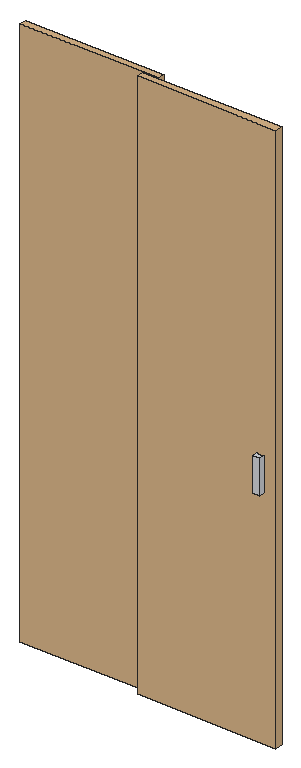
Revit family "PKNail Sliding", category Doors, host Wall, Revit 2017
Family settings
  Host = Wall
  Always vertical = Yes
  Cut with Voids When Loaded = No
  Shared = No
  Room Calculation Point = No
Parameters (values of type "1000 x 2100mm")
  Width = 1000.00 mm
  PKNail Family Lateral Orientation = "Sliding"
  PKNail Family Facing Orientation = "None"
  PKNail Family = "Sliding"
  Height = 2100.00 mm
  Function = Interior
  Assembly Code = ""
Reference planes
  plane 1: y = 0
  plane 2 "Center (Left/Right)": x = 0
  plane 3 "Wall Edge": y = 76.2
  plane 4: x = -500
  plane 5: x = 500
  plane 6: z = 2100
Forms (mm)
  Extrusion 1, void
    sketch origin (0, 76.2, 0) x (1, 0, 0) y (0, 0, 1)
      loop
        line (500, 2100) -> (-500, 2100) -> (-500, 0) -> (500, 0) -> (500, 2100)
    from 0 to 1524
  Extrusion 2, solid, material "Door - Panel"
    sketch origin (-1524, 0, 0) x (1, 0, 0) y (0, 0, 1)
      loop
        line (1495.425, 3.175) -> (2020.825, 3.175) -> (2020.825, 2096.825) -> (1495.425, 2096.825) -> (1495.425, 3.175)
    from 3 to 28
  Extrusion 3, solid, material "Door - Panel"
    sketch origin (-1524, 0, 0) x (1, 0, 0) y (0, 0, 1)
      loop
        line (1552.575, 3.175) -> (1552.575, 2096.825) -> (1027.175, 2096.825) -> (1027.175, 3.175) -> (1552.575, 3.175)
    from -3 to -28
  Extrusion 4, solid, material "Door - Knob"
    sketch origin (-1524, 28, 850.9) x (1, 0, 0) y (0, 0, 1)
      loop
        line (1074.8, 0) -> (1100.2, 0) -> (1100.2, 127) -> (1074.8, 127) -> (1074.8, 0)
    from 0 to -19.05
  Extrusion 5, solid
    sketch origin (-1524, -28, 847.725) x (-1, 0, 0) y (0, 0, 1)
      loop
        line (-1973.2, 3.175) -> (-1947.8, 3.175) -> (-1947.8, 130.175) -> (-1973.2, 130.175) -> (-1973.2, 3.175)
    from 0 to -19.05
Text (mm)
  text "Placement Side" at (0, 1019.848, 3124.603), in view "Right"
  text "Placement Side" at (-2332.134, 1152.858, 0), in view "Ref. Level"
  text "Placement Side" at (0, 2073.289, 3571.227), in view "Left"
Dimensions and locks
  locked: plane 3 "Wall Edge" to host wall
  equal spacing: plane 5, plane 2 "Center (Left/Right)", plane 4
  "Width": plane 5 to plane 4
  "Height": level to plane 6
  aligned and locked: plane 5 to Extrusion 1 sketch curve
  aligned and locked: plane 6 to Extrusion 1 sketch curve
  aligned and locked: level to Extrusion 1 sketch curve
  aligned and locked: Extrusion 1 sketch curve to plane 4
Automatic sketch dimensions
  level to Extrusion 2 sketch curve = 3.175 mm
  Extrusion 2 sketch curve to plane 6 = 3.175 mm
  Extrusion 2 sketch curve to plane 2 "Center (Left/Right)" = 28.575 mm
  Extrusion 2 sketch curve to plane 5 = 3.175 mm
  plane 2 "Center (Left/Right)" to Extrusion 3 sketch curve = 28.575 mm
  level to Extrusion 3 sketch curve = 3.175 mm
  Extrusion 3 sketch curve to plane 6 = 3.175 mm
  plane 4 to Extrusion 3 sketch curve = 3.175 mm
  Extrusion 4 sketch curve to Extrusion 3 = 47.625 mm
  Extrusion 4 sketch curve to Extrusion 4 sketch curve = 25.40 mm
  Extrusion 4 sketch curve to Extrusion 3 = 847.725 mm
  Extrusion 4 sketch curve to Extrusion 3 = 974.725 mm
  Extrusion 5 sketch curve to Extrusion 2 = 847.725 mm
  Extrusion 5 sketch curve to Extrusion 2 = 47.625 mm
  Extrusion 5 sketch curve to Extrusion 5 sketch curve = 25.40 mm
  Extrusion 5 sketch curve to Extrusion 2 = 974.725 mm
